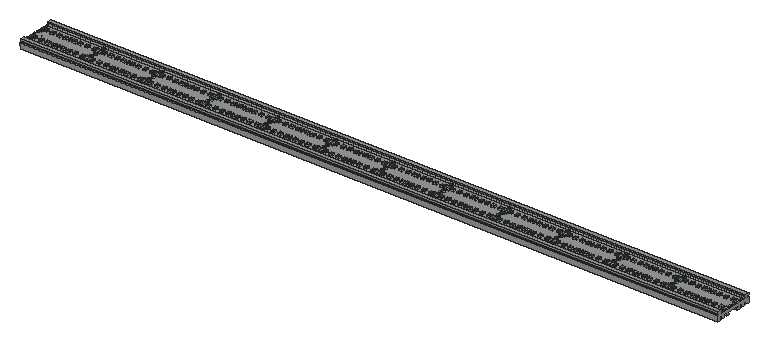
Revit family "LLED8050-UCW-4RF", category Lighting Fixtures, Revit 2017
Family settings
  Round Connector Dimension = Use Diameter
  Part Type = Normal
  OmniClass Number = 23.80.70.00
  OmniClass Title = Lighting
  Work Plane-Based = Yes
  Always vertical = Yes
  Cut with Voids When Loaded = No
  Light Source = Yes
  Shared = No
  Room Calculation Point = No
Parameters
  Wattage = 9.2903 W
  built-in parameter 1150110 = 1 (stored number, unit not read)
  built-in parameter 1114217 = 1 (stored number, unit not read)
  Tilt Angle = 60.00°
  built-in parameter 1150109 = 1 (stored number, unit not read)
  built-in parameter 1150134 = 3
  built-in parameter 1150113 = 1 (stored number, unit not read)
  STRIP = yes
  Photometric Web File = "generic"
  Number = (Length) / 2.000"  # 12
  built-in parameter 1150142 = (empty or 0)
  built-in parameter 1150105 = 109.82 (stored number, unit not read)
  Lumens = 1380 lm
  built-in parameter 1150115 = 1 (stored number, unit not read)
  built-in parameter 1150137 = (empty or 0)
  built-in parameter 1150139 = (empty or 0)
  Length = 24.000"
  built-in parameter 1150112 = 1 (stored number, unit not read)
  built-in parameter 1150114 = 1 (stored number, unit not read)
  built-in parameter 1150132 = (empty or 0)
  built-in parameter 1150102 = (empty or 0)
  built-in parameter 1150107 = 3200 (stored number, unit not read)
  built-in parameter 1150138 = (empty or 0)
  built-in parameter 1150106 = 1.0982 (stored number, unit not read)
  Fixture cap = fixture cap
  Fixture = fixture
  Emit from Line Length = Length  # 24.000"
  built-in parameter 1150104 = 13.8 (stored number, unit not read)
  Dimming Lamp Color Temperature Shift = <None>
  Default Elevation = 2.000"
  Color Filter = 16777215
  Bulb = Glass
  built-in parameter 1114218 = 1 (stored number, unit not read)
  built-in parameter 1150133 = 10 (stored number, unit not read)
Reference planes (in)
  plane 1 "Light Source Axis (F/B)": y = 0
  plane 2: z = 0
  plane 3 "Light Source Axis (L/R)": x = 0
  plane 4 "Light Source Elevation": z = 54
  plane 5: z = 0
  plane 6: x = -12
  plane 7: x = 12
  plane 8: z = -0.3
  plane 9: y = -0.665
  plane 10: y = 0.665
Forms (in)
  Revolve 1, solid, not visible
    sketch origin (-0.00118, 0, 6.68102) x (1, 0, 0) y (0, 0, 1)
      loop
        line (0, 1.27453) -> (0.22, 1.27453) -> (0.22, 1.98615) -> (0, 1.98615) -> (0, 1.27453)
      axis (0, 1.98615) -> (0, 1.27453)
    angle from 0 to 360
  Extrusion 2, solid, material "fixture cap" <- "Fixture cap", not visible
    sketch origin (-0.00118, -0.05736, 6.68102) x (1, 0, 0) y (0, 0, 1)
      loop
        line (0, 1.6939) -> (0.66, 1.6939) -> (0.66, 1.98615) -> (0, 1.98615) -> (-0.66, 1.98615) -> (-0.66, 1.6939) -> (0, 1.6939)
    from -0.23545 to 0.11965
  Extrusion 3, void, not visible
    sketch origin (-0.00118, 0, 6.68102) x (1, 0, 0) y (0, 0, 1)
      loop
        arc (-0.66, 1.6939) -> (-0.58698, 1.88163) -> (-0.41477, 1.98615) r 0.31341
        line (-0.41477, 1.98615) -> (-0.66, 1.98615) -> (-0.66, 1.6939)
      loop
        line (0.66, 1.6939) -> (0.66, 1.98615) -> (0.41477, 1.98615)
        arc (0.41477, 1.98615) -> (0.58698, 1.88163) -> (0.66, 1.6939) r 0.31341
    from -0.17809 to 0.17701
  Blend 4, solid, not visible
    base sketch origin (-0.00118, 0, 7.13918) x (1, 0, 0) y (0, 1, 0)
      loop
        circle (0, 0) r 0.57599
    top sketch origin (-0.00118, 0, 7.13918) x (1, 0, 0) y (0, 1, 0)
      loop
        circle (0, 0) r 0.42
    from -0.52219 to 0.72781
  Blend 5, solid, not visible
    base sketch origin (-0.00118, 0, 6.68102) x (1, 0, 0) y (0, 1, 0)
      loop
        circle (0, 0) r 0.42
    top sketch origin (-0.00118, 0, 6.68102) x (1, 0, 0) y (0, 1, 0)
      loop
        circle (0, 0) r 0.22
    from 1.18597 to 1.27148
  Extrusion 6, void, not visible
    sketch origin (0.0069, 0, 6.93102) x (1, 0, 0) y (0, 1, 0)
      loop
        arc (-0.54002, 0.08041) -> (-0.58407, 0) -> (-0.54002, -0.08041) r 0.09541
        line (-0.54002, -0.08041) -> (-0.19879, -0.08041)
        arc (-0.19879, -0.08041) -> (-0.00676, -0.19306) -> (0.18528, -0.08041) r 0.22
        line (0.18528, -0.08041) -> (0.54002, -0.08041)
        arc (0.54002, -0.08041) -> (0.58407, 0) -> (0.54002, 0.08041) r 0.09541
        line (0.54002, 0.08041) -> (0.18542, 0.08041)
        arc (0.18542, 0.08041) -> (-0.00739, 0.19447) -> (-0.2002, 0.08041) r 0.22
        line (-0.2002, 0.08041) -> (-0.54002, 0.08041)
    from 1.43764 to 1.77364
  Revolve 7, solid, not visible
    sketch origin (-0.00118, 0, 4.43877) x (1, 0, 0) y (0, 0, 1)
      loop
        line (0, 2.17822) -> (0, 1.78225) -> (0.66857, 1.78225) -> (0.49227, 2.17822) -> (0, 2.17822)
      axis (0, 2.17822) -> (0, 1.78225)
    angle from 0 to 360
  Revolve 8, solid, not visible
    sketch origin (-0.00118, 0, 6.68102) x (1, 0, 0) y (0, 0, -1)
      loop
        line (0, -1.27453) -> (0, -1.98615) -> (0.22, -1.98615) -> (0.22, -1.27453) -> (0, -1.27453)
      axis (0, -1.98615) -> (0, -1.27453)
    angle from 0 to 360
  Extrusion 9, solid, material "fixture cap" <- "Fixture cap", not visible
    sketch origin (-0.00118, 0.05736, 6.68102) x (1, 0, 0) y (0, 0, -1)
      loop
        line (0, -0.68597) -> (-0.66, -0.68597) -> (-0.66, -1.98615) -> (0, -1.98615) -> (0.66, -1.98615) -> (0.66, -0.68597) -> (0, -0.68597)
    from -0.23545 to 0.11965
  Extrusion 10, void, not visible
    sketch origin (-0.00118, 0, 6.68102) x (1, 0, 0) y (0, 0, -1)
      loop
        line (-0.66, -1.6939) -> (-0.66, -1.98615) -> (-0.41477, -1.98615)
        arc (-0.41477, -1.98615) -> (-0.58698, -1.88163) -> (-0.66, -1.6939) r 0.31341
      loop
        arc (0.66, -1.6939) -> (0.58698, -1.88163) -> (0.41477, -1.98615) r 0.31341
        line (0.41477, -1.98615) -> (0.66, -1.98615) -> (0.66, -1.6939)
    from -0.17809 to 0.17701
  Blend 11, solid, not visible
    base sketch origin (-0.00118, 0, 6.68102) x (1, 0, 0) y (0, 1, 0)
      loop
        circle (0, 0) r 0.42
    top sketch origin (-0.00118, 0, 6.68102) x (1, 0, 0) y (0, 1, 0)
      loop
        circle (0, 0) r 0.22
    from 1.18597 to 1.27148
  Extrusion 12, void, not visible
    sketch origin (0.0069, 0, 6.93102) x (1, 0, 0) y (0, 1, 0)
      loop
        line (-0.54002, -0.08041) -> (-0.2002, -0.08041)
        arc (-0.2002, -0.08041) -> (-0.00739, -0.19447) -> (0.18542, -0.08041) r 0.22
        line (0.18542, -0.08041) -> (0.54002, -0.08041)
        arc (0.54002, -0.08041) -> (0.58407, 0) -> (0.54002, 0.08041) r 0.09541
        line (0.54002, 0.08041) -> (0.18528, 0.08041)
        arc (0.18528, 0.08041) -> (-0.00676, 0.19306) -> (-0.19879, 0.08041) r 0.22
        line (-0.19879, 0.08041) -> (-0.54002, 0.08041)
        arc (-0.54002, 0.08041) -> (-0.58407, 0) -> (-0.54002, -0.08041) r 0.09541
    from 1.43764 to 1.77364
  Extrusion 13, void, not visible
    sketch origin (-0.00118, 0, 6.83727) x (1, 0, 0) y (0, 0, -1)
      loop
        line (-0.50265, -1.4876) -> (-0.3469, -1.4876)
        arc (-0.3469, -1.4876) -> (-0.42478, -1.34712) -> (-0.50265, -1.4876) r 0.09183
      loop
        arc (0.50265, -1.4876) -> (0.42478, -1.34712) -> (0.3469, -1.4876) r 0.09183
        line (0.3469, -1.4876) -> (0.50265, -1.4876)
    from -0.22339 to 0.22501
  Extrusion 14, solid, not visible
    sketch origin (-0.00049, 0, 6.93102) x (1, 0, 0) y (0, 1, 0)
      loop
        line (-0.03443, 0) -> (-0.03443, -0.08951)
        arc (-0.03443, -0.08951) -> (-0.02214, -0.11039) -> (0, -0.12025) r 0.03974
        arc (0, -0.12025) -> (0.02214, -0.11039) -> (0.03443, -0.08951) r 0.03974
        line (0.03443, -0.08951) -> (0.03443, 0) -> (0.03443, 0.08951)
        arc (0.03443, 0.08951) -> (0.02214, 0.11039) -> (0, 0.12025) r 0.03974
        arc (0, 0.12025) -> (-0.02214, 0.11039) -> (-0.03443, 0.08951) r 0.03974
        line (-0.03443, 0.08951) -> (-0.03443, 0)
    from 1.43764 to 1.50249
  Extrusion 15, solid, material "fixture" <- "Fixture"
    sketch origin (-12, -1.25685, -0.83336) x (0, 0, -1) y (0, 1, 0)
      loop
        line (-0.71336, 1.77685) -> (-0.71336, 0.73685)
        arc (-0.71336, 0.73685) -> (-0.74336, 0.70685) -> (-0.77336, 0.73685) r 0.03
        line (-0.77336, 0.73685) -> (-0.83336, 0.73685) -> (-0.83336, 0.59185) -> (-0.77336, 0.59185) -> (-0.77336, 0.65885) -> (-0.71336, 0.65885) -> (-0.71336, 0.59185) -> (-0.53336, 0.59185) -> (-0.53336, 0.69185) -> (-0.63336, 0.69185) -> (-0.63336, 0.79985) -> (-0.53336, 0.79985) -> (-0.53336, 0.87085) -> (-0.63336, 0.87085) -> (-0.63336, 0.97885) -> (-0.53336, 0.97885) -> (-0.53336, 1.04985)
        arc (-0.53336, 1.04985) -> (-0.55836, 1.07485) -> (-0.58336, 1.04985) r 0.025
        line (-0.58336, 1.04985) -> (-0.58336, 1.01885) -> (-0.63336, 1.01885) -> (-0.63336, 1.19934) -> (-0.63336, 1.49485) -> (-0.58336, 1.49485) -> (-0.58336, 1.46385)
        arc (-0.58336, 1.46385) -> (-0.55836, 1.43885) -> (-0.53336, 1.46385) r 0.025
        line (-0.53336, 1.46385) -> (-0.53336, 1.53485) -> (-0.63336, 1.53485) -> (-0.63336, 1.64285) -> (-0.53336, 1.64285) -> (-0.53336, 1.71385) -> (-0.63336, 1.71385) -> (-0.63336, 1.82185) -> (-0.53336, 1.82185) -> (-0.53336, 1.92185) -> (-0.71336, 1.92185) -> (-0.71336, 1.85485) -> (-0.77336, 1.85485) -> (-0.77336, 1.92185) -> (-0.83336, 1.92185) -> (-0.83336, 1.77685) -> (-0.77336, 1.77685)
        arc (-0.77336, 1.77685) -> (-0.74336, 1.80685) -> (-0.71336, 1.77685) r 0.03
    from 0 to 24
  Extrusion 16, solid, material "Glass" <- "Bulb"
    sketch origin (22, 0, -0.04963) x (1, 0, 0) y (0, 1, 0)
      loop
        line (-10, 0.37607) -> (-10, 0.46224)
        arc (-10, 0.46224) -> (-10.05871, 0.41915) -> (-10, 0.37607) r 0.04516
      loop
        line (-10.11087, 0.13799) -> (-10, 0.13799) -> (-10, 0.35948) -> (-10.11087, 0.35948) -> (-10.11087, 0.13799)
      loop
        arc (-10, 0.12139) -> (-10.05871, 0.07831) -> (-10, 0.03523) r 0.04516
        line (-10, 0.03523) -> (-10, 0.12139)
      loop
        arc (-10, -0.37607) -> (-10.05871, -0.41915) -> (-10, -0.46224) r 0.04516
        line (-10, -0.46224) -> (-10, -0.37607)
      loop
        line (-10.11087, -0.13799) -> (-10.11087, -0.35948) -> (-10, -0.35948) -> (-10, -0.13799) -> (-10.11087, -0.13799)
      loop
        line (-10, -0.12139) -> (-10, -0.03523)
        arc (-10, -0.03523) -> (-10.05871, -0.07831) -> (-10, -0.12139) r 0.04516
      loop
        arc (-12, 0.37607) -> (-11.94129, 0.41915) -> (-12, 0.46224) r 0.04516
        line (-12, 0.46224) -> (-12, 0.37607)
      loop
        line (-11.88913, 0.13799) -> (-11.88913, 0.35948) -> (-12, 0.35948) -> (-12, 0.13799) -> (-11.88913, 0.13799)
      loop
        line (-12, 0.12139) -> (-12, 0.03523)
        arc (-12, 0.03523) -> (-11.94129, 0.07831) -> (-12, 0.12139) r 0.04516
      loop
        line (-12, -0.37607) -> (-12, -0.46224)
        arc (-12, -0.46224) -> (-11.94129, -0.41915) -> (-12, -0.37607) r 0.04516
      loop
        line (-11.88913, -0.13799) -> (-12, -0.13799) -> (-12, -0.35948) -> (-11.88913, -0.35948) -> (-11.88913, -0.13799)
      loop
        arc (-12, -0.12139) -> (-11.94129, -0.07831) -> (-12, -0.03523) r 0.04516
        line (-12, -0.03523) -> (-12, -0.12139)
    from -0.07037 to -0.02509
  Extrusion 17, solid, material "Glass" <- "Bulb"
    sketch origin (0, 0, -0.04963) x (1, 0, 0) y (0, 1, 0)
      loop
        line (-10, 0.37607) -> (-10, 0.46224)
        arc (-10, 0.46224) -> (-10.05871, 0.41915) -> (-10, 0.37607) r 0.04516
      loop
        line (-10.11087, 0.13799) -> (-10, 0.13799) -> (-10, 0.35948) -> (-10.11087, 0.35948) -> (-10.11087, 0.13799)
      loop
        arc (-10, 0.12139) -> (-10.05871, 0.07831) -> (-10, 0.03523) r 0.04516
        line (-10, 0.03523) -> (-10, 0.12139)
      loop
        arc (-10, -0.37607) -> (-10.05871, -0.41915) -> (-10, -0.46224) r 0.04516
        line (-10, -0.46224) -> (-10, -0.37607)
      loop
        line (-10.11087, -0.13799) -> (-10.11087, -0.35948) -> (-10, -0.35948) -> (-10, -0.13799) -> (-10.11087, -0.13799)
      loop
        line (-10, -0.12139) -> (-10, -0.03523)
        arc (-10, -0.03523) -> (-10.05871, -0.07831) -> (-10, -0.12139) r 0.04516
      loop
        arc (-12, 0.37607) -> (-11.94129, 0.41915) -> (-12, 0.46224) r 0.04516
        line (-12, 0.46224) -> (-12, 0.37607)
      loop
        line (-11.88913, 0.13799) -> (-11.88913, 0.35948) -> (-12, 0.35948) -> (-12, 0.13799) -> (-11.88913, 0.13799)
      loop
        line (-12, 0.12139) -> (-12, 0.03523)
        arc (-12, 0.03523) -> (-11.94129, 0.07831) -> (-12, 0.12139) r 0.04516
      loop
        line (-12, -0.37607) -> (-12, -0.46224)
        arc (-12, -0.46224) -> (-11.94129, -0.41915) -> (-12, -0.37607) r 0.04516
      loop
        line (-11.88913, -0.13799) -> (-12, -0.13799) -> (-12, -0.35948) -> (-11.88913, -0.35948) -> (-11.88913, -0.13799)
      loop
        arc (-12, -0.12139) -> (-11.94129, -0.07831) -> (-12, -0.03523) r 0.04516
        line (-12, -0.03523) -> (-12, -0.12139)
    from -0.07037 to -0.02509
  Extrusion 18, solid, material "Glass" <- "Bulb"
    sketch origin (20, 0, -0.04963) x (1, 0, 0) y (0, 1, 0)
      loop
        line (-10, 0.37607) -> (-10, 0.46224)
        arc (-10, 0.46224) -> (-10.05871, 0.41915) -> (-10, 0.37607) r 0.04516
      loop
        line (-10.11087, 0.13799) -> (-10, 0.13799) -> (-10, 0.35948) -> (-10.11087, 0.35948) -> (-10.11087, 0.13799)
      loop
        arc (-10, 0.12139) -> (-10.05871, 0.07831) -> (-10, 0.03523) r 0.04516
        line (-10, 0.03523) -> (-10, 0.12139)
      loop
        arc (-10, -0.37607) -> (-10.05871, -0.41915) -> (-10, -0.46224) r 0.04516
        line (-10, -0.46224) -> (-10, -0.37607)
      loop
        line (-10.11087, -0.13799) -> (-10.11087, -0.35948) -> (-10, -0.35948) -> (-10, -0.13799) -> (-10.11087, -0.13799)
      loop
        line (-10, -0.12139) -> (-10, -0.03523)
        arc (-10, -0.03523) -> (-10.05871, -0.07831) -> (-10, -0.12139) r 0.04516
      loop
        arc (-12, 0.37607) -> (-11.94129, 0.41915) -> (-12, 0.46224) r 0.04516
        line (-12, 0.46224) -> (-12, 0.37607)
      loop
        line (-11.88913, 0.13799) -> (-11.88913, 0.35948) -> (-12, 0.35948) -> (-12, 0.13799) -> (-11.88913, 0.13799)
      loop
        line (-12, 0.12139) -> (-12, 0.03523)
        arc (-12, 0.03523) -> (-11.94129, 0.07831) -> (-12, 0.12139) r 0.04516
      loop
        line (-12, -0.37607) -> (-12, -0.46224)
        arc (-12, -0.46224) -> (-11.94129, -0.41915) -> (-12, -0.37607) r 0.04516
      loop
        line (-11.88913, -0.13799) -> (-12, -0.13799) -> (-12, -0.35948) -> (-11.88913, -0.35948) -> (-11.88913, -0.13799)
      loop
        arc (-12, -0.12139) -> (-11.94129, -0.07831) -> (-12, -0.03523) r 0.04516
        line (-12, -0.03523) -> (-12, -0.12139)
    from -0.07037 to -0.02509
  Extrusion 19, solid, material "Glass" <- "Bulb"
    sketch origin (18, 0, -0.04963) x (1, 0, 0) y (0, 1, 0)
      loop
        line (-10, 0.37607) -> (-10, 0.46224)
        arc (-10, 0.46224) -> (-10.05871, 0.41915) -> (-10, 0.37607) r 0.04516
      loop
        line (-10.11087, 0.13799) -> (-10, 0.13799) -> (-10, 0.35948) -> (-10.11087, 0.35948) -> (-10.11087, 0.13799)
      loop
        arc (-10, 0.12139) -> (-10.05871, 0.07831) -> (-10, 0.03523) r 0.04516
        line (-10, 0.03523) -> (-10, 0.12139)
      loop
        arc (-10, -0.37607) -> (-10.05871, -0.41915) -> (-10, -0.46224) r 0.04516
        line (-10, -0.46224) -> (-10, -0.37607)
      loop
        line (-10.11087, -0.13799) -> (-10.11087, -0.35948) -> (-10, -0.35948) -> (-10, -0.13799) -> (-10.11087, -0.13799)
      loop
        line (-10, -0.12139) -> (-10, -0.03523)
        arc (-10, -0.03523) -> (-10.05871, -0.07831) -> (-10, -0.12139) r 0.04516
      loop
        arc (-12, 0.37607) -> (-11.94129, 0.41915) -> (-12, 0.46224) r 0.04516
        line (-12, 0.46224) -> (-12, 0.37607)
      loop
        line (-11.88913, 0.13799) -> (-11.88913, 0.35948) -> (-12, 0.35948) -> (-12, 0.13799) -> (-11.88913, 0.13799)
      loop
        line (-12, 0.12139) -> (-12, 0.03523)
        arc (-12, 0.03523) -> (-11.94129, 0.07831) -> (-12, 0.12139) r 0.04516
      loop
        line (-12, -0.37607) -> (-12, -0.46224)
        arc (-12, -0.46224) -> (-11.94129, -0.41915) -> (-12, -0.37607) r 0.04516
      loop
        line (-11.88913, -0.13799) -> (-12, -0.13799) -> (-12, -0.35948) -> (-11.88913, -0.35948) -> (-11.88913, -0.13799)
      loop
        arc (-12, -0.12139) -> (-11.94129, -0.07831) -> (-12, -0.03523) r 0.04516
        line (-12, -0.03523) -> (-12, -0.12139)
    from -0.07037 to -0.02509
  Extrusion 20, solid, material "Glass" <- "Bulb"
    sketch origin (16, 0, -0.04963) x (1, 0, 0) y (0, 1, 0)
      loop
        line (-10, 0.37607) -> (-10, 0.46224)
        arc (-10, 0.46224) -> (-10.05871, 0.41915) -> (-10, 0.37607) r 0.04516
      loop
        line (-10.11087, 0.13799) -> (-10, 0.13799) -> (-10, 0.35948) -> (-10.11087, 0.35948) -> (-10.11087, 0.13799)
      loop
        arc (-10, 0.12139) -> (-10.05871, 0.07831) -> (-10, 0.03523) r 0.04516
        line (-10, 0.03523) -> (-10, 0.12139)
      loop
        arc (-10, -0.37607) -> (-10.05871, -0.41915) -> (-10, -0.46224) r 0.04516
        line (-10, -0.46224) -> (-10, -0.37607)
      loop
        line (-10.11087, -0.13799) -> (-10.11087, -0.35948) -> (-10, -0.35948) -> (-10, -0.13799) -> (-10.11087, -0.13799)
      loop
        line (-10, -0.12139) -> (-10, -0.03523)
        arc (-10, -0.03523) -> (-10.05871, -0.07831) -> (-10, -0.12139) r 0.04516
      loop
        arc (-12, 0.37607) -> (-11.94129, 0.41915) -> (-12, 0.46224) r 0.04516
        line (-12, 0.46224) -> (-12, 0.37607)
      loop
        line (-11.88913, 0.13799) -> (-11.88913, 0.35948) -> (-12, 0.35948) -> (-12, 0.13799) -> (-11.88913, 0.13799)
      loop
        line (-12, 0.12139) -> (-12, 0.03523)
        arc (-12, 0.03523) -> (-11.94129, 0.07831) -> (-12, 0.12139) r 0.04516
      loop
        line (-12, -0.37607) -> (-12, -0.46224)
        arc (-12, -0.46224) -> (-11.94129, -0.41915) -> (-12, -0.37607) r 0.04516
      loop
        line (-11.88913, -0.13799) -> (-12, -0.13799) -> (-12, -0.35948) -> (-11.88913, -0.35948) -> (-11.88913, -0.13799)
      loop
        arc (-12, -0.12139) -> (-11.94129, -0.07831) -> (-12, -0.03523) r 0.04516
        line (-12, -0.03523) -> (-12, -0.12139)
    from -0.07037 to -0.02509
  Extrusion 21, solid, material "Glass" <- "Bulb"
    sketch origin (14, 0, -0.04963) x (1, 0, 0) y (0, 1, 0)
      loop
        line (-10, 0.37607) -> (-10, 0.46224)
        arc (-10, 0.46224) -> (-10.05871, 0.41915) -> (-10, 0.37607) r 0.04516
      loop
        line (-10.11087, 0.13799) -> (-10, 0.13799) -> (-10, 0.35948) -> (-10.11087, 0.35948) -> (-10.11087, 0.13799)
      loop
        arc (-10, 0.12139) -> (-10.05871, 0.07831) -> (-10, 0.03523) r 0.04516
        line (-10, 0.03523) -> (-10, 0.12139)
      loop
        arc (-10, -0.37607) -> (-10.05871, -0.41915) -> (-10, -0.46224) r 0.04516
        line (-10, -0.46224) -> (-10, -0.37607)
      loop
        line (-10.11087, -0.13799) -> (-10.11087, -0.35948) -> (-10, -0.35948) -> (-10, -0.13799) -> (-10.11087, -0.13799)
      loop
        line (-10, -0.12139) -> (-10, -0.03523)
        arc (-10, -0.03523) -> (-10.05871, -0.07831) -> (-10, -0.12139) r 0.04516
      loop
        arc (-12, 0.37607) -> (-11.94129, 0.41915) -> (-12, 0.46224) r 0.04516
        line (-12, 0.46224) -> (-12, 0.37607)
      loop
        line (-11.88913, 0.13799) -> (-11.88913, 0.35948) -> (-12, 0.35948) -> (-12, 0.13799) -> (-11.88913, 0.13799)
      loop
        line (-12, 0.12139) -> (-12, 0.03523)
        arc (-12, 0.03523) -> (-11.94129, 0.07831) -> (-12, 0.12139) r 0.04516
      loop
        line (-12, -0.37607) -> (-12, -0.46224)
        arc (-12, -0.46224) -> (-11.94129, -0.41915) -> (-12, -0.37607) r 0.04516
      loop
        line (-11.88913, -0.13799) -> (-12, -0.13799) -> (-12, -0.35948) -> (-11.88913, -0.35948) -> (-11.88913, -0.13799)
      loop
        arc (-12, -0.12139) -> (-11.94129, -0.07831) -> (-12, -0.03523) r 0.04516
        line (-12, -0.03523) -> (-12, -0.12139)
    from -0.07037 to -0.02509
  Extrusion 22, solid, material "Glass" <- "Bulb"
    sketch origin (12, 0, -0.04963) x (1, 0, 0) y (0, 1, 0)
      loop
        line (-10, 0.37607) -> (-10, 0.46224)
        arc (-10, 0.46224) -> (-10.05871, 0.41915) -> (-10, 0.37607) r 0.04516
      loop
        line (-10.11087, 0.13799) -> (-10, 0.13799) -> (-10, 0.35948) -> (-10.11087, 0.35948) -> (-10.11087, 0.13799)
      loop
        arc (-10, 0.12139) -> (-10.05871, 0.07831) -> (-10, 0.03523) r 0.04516
        line (-10, 0.03523) -> (-10, 0.12139)
      loop
        arc (-10, -0.37607) -> (-10.05871, -0.41915) -> (-10, -0.46224) r 0.04516
        line (-10, -0.46224) -> (-10, -0.37607)
      loop
        line (-10.11087, -0.13799) -> (-10.11087, -0.35948) -> (-10, -0.35948) -> (-10, -0.13799) -> (-10.11087, -0.13799)
      loop
        line (-10, -0.12139) -> (-10, -0.03523)
        arc (-10, -0.03523) -> (-10.05871, -0.07831) -> (-10, -0.12139) r 0.04516
      loop
        arc (-12, 0.37607) -> (-11.94129, 0.41915) -> (-12, 0.46224) r 0.04516
        line (-12, 0.46224) -> (-12, 0.37607)
      loop
        line (-11.88913, 0.13799) -> (-11.88913, 0.35948) -> (-12, 0.35948) -> (-12, 0.13799) -> (-11.88913, 0.13799)
      loop
        line (-12, 0.12139) -> (-12, 0.03523)
        arc (-12, 0.03523) -> (-11.94129, 0.07831) -> (-12, 0.12139) r 0.04516
      loop
        line (-12, -0.37607) -> (-12, -0.46224)
        arc (-12, -0.46224) -> (-11.94129, -0.41915) -> (-12, -0.37607) r 0.04516
      loop
        line (-11.88913, -0.13799) -> (-12, -0.13799) -> (-12, -0.35948) -> (-11.88913, -0.35948) -> (-11.88913, -0.13799)
      loop
        arc (-12, -0.12139) -> (-11.94129, -0.07831) -> (-12, -0.03523) r 0.04516
        line (-12, -0.03523) -> (-12, -0.12139)
    from -0.07037 to -0.02509
  Extrusion 23, solid, material "Glass" <- "Bulb"
    sketch origin (10, 0, -0.04963) x (1, 0, 0) y (0, 1, 0)
      loop
        line (-10, 0.37607) -> (-10, 0.46224)
        arc (-10, 0.46224) -> (-10.05871, 0.41915) -> (-10, 0.37607) r 0.04516
      loop
        line (-10.11087, 0.13799) -> (-10, 0.13799) -> (-10, 0.35948) -> (-10.11087, 0.35948) -> (-10.11087, 0.13799)
      loop
        arc (-10, 0.12139) -> (-10.05871, 0.07831) -> (-10, 0.03523) r 0.04516
        line (-10, 0.03523) -> (-10, 0.12139)
      loop
        arc (-10, -0.37607) -> (-10.05871, -0.41915) -> (-10, -0.46224) r 0.04516
        line (-10, -0.46224) -> (-10, -0.37607)
      loop
        line (-10.11087, -0.13799) -> (-10.11087, -0.35948) -> (-10, -0.35948) -> (-10, -0.13799) -> (-10.11087, -0.13799)
      loop
        line (-10, -0.12139) -> (-10, -0.03523)
        arc (-10, -0.03523) -> (-10.05871, -0.07831) -> (-10, -0.12139) r 0.04516
      loop
        arc (-12, 0.37607) -> (-11.94129, 0.41915) -> (-12, 0.46224) r 0.04516
        line (-12, 0.46224) -> (-12, 0.37607)
      loop
        line (-11.88913, 0.13799) -> (-11.88913, 0.35948) -> (-12, 0.35948) -> (-12, 0.13799) -> (-11.88913, 0.13799)
      loop
        line (-12, 0.12139) -> (-12, 0.03523)
        arc (-12, 0.03523) -> (-11.94129, 0.07831) -> (-12, 0.12139) r 0.04516
      loop
        line (-12, -0.37607) -> (-12, -0.46224)
        arc (-12, -0.46224) -> (-11.94129, -0.41915) -> (-12, -0.37607) r 0.04516
      loop
        line (-11.88913, -0.13799) -> (-12, -0.13799) -> (-12, -0.35948) -> (-11.88913, -0.35948) -> (-11.88913, -0.13799)
      loop
        arc (-12, -0.12139) -> (-11.94129, -0.07831) -> (-12, -0.03523) r 0.04516
        line (-12, -0.03523) -> (-12, -0.12139)
    from -0.07037 to -0.02509
  Extrusion 24, solid, material "Glass" <- "Bulb"
    sketch origin (8, 0, -0.04963) x (1, 0, 0) y (0, 1, 0)
      loop
        line (-10, 0.37607) -> (-10, 0.46224)
        arc (-10, 0.46224) -> (-10.05871, 0.41915) -> (-10, 0.37607) r 0.04516
      loop
        line (-10.11087, 0.13799) -> (-10, 0.13799) -> (-10, 0.35948) -> (-10.11087, 0.35948) -> (-10.11087, 0.13799)
      loop
        arc (-10, 0.12139) -> (-10.05871, 0.07831) -> (-10, 0.03523) r 0.04516
        line (-10, 0.03523) -> (-10, 0.12139)
      loop
        arc (-10, -0.37607) -> (-10.05871, -0.41915) -> (-10, -0.46224) r 0.04516
        line (-10, -0.46224) -> (-10, -0.37607)
      loop
        line (-10.11087, -0.13799) -> (-10.11087, -0.35948) -> (-10, -0.35948) -> (-10, -0.13799) -> (-10.11087, -0.13799)
      loop
        line (-10, -0.12139) -> (-10, -0.03523)
        arc (-10, -0.03523) -> (-10.05871, -0.07831) -> (-10, -0.12139) r 0.04516
      loop
        arc (-12, 0.37607) -> (-11.94129, 0.41915) -> (-12, 0.46224) r 0.04516
        line (-12, 0.46224) -> (-12, 0.37607)
      loop
        line (-11.88913, 0.13799) -> (-11.88913, 0.35948) -> (-12, 0.35948) -> (-12, 0.13799) -> (-11.88913, 0.13799)
      loop
        line (-12, 0.12139) -> (-12, 0.03523)
        arc (-12, 0.03523) -> (-11.94129, 0.07831) -> (-12, 0.12139) r 0.04516
      loop
        line (-12, -0.37607) -> (-12, -0.46224)
        arc (-12, -0.46224) -> (-11.94129, -0.41915) -> (-12, -0.37607) r 0.04516
      loop
        line (-11.88913, -0.13799) -> (-12, -0.13799) -> (-12, -0.35948) -> (-11.88913, -0.35948) -> (-11.88913, -0.13799)
      loop
        arc (-12, -0.12139) -> (-11.94129, -0.07831) -> (-12, -0.03523) r 0.04516
        line (-12, -0.03523) -> (-12, -0.12139)
    from -0.07037 to -0.02509
  Extrusion 25, solid, material "Glass" <- "Bulb"
    sketch origin (6, 0, -0.04963) x (1, 0, 0) y (0, 1, 0)
      loop
        line (-10, 0.37607) -> (-10, 0.46224)
        arc (-10, 0.46224) -> (-10.05871, 0.41915) -> (-10, 0.37607) r 0.04516
      loop
        line (-10.11087, 0.13799) -> (-10, 0.13799) -> (-10, 0.35948) -> (-10.11087, 0.35948) -> (-10.11087, 0.13799)
      loop
        arc (-10, 0.12139) -> (-10.05871, 0.07831) -> (-10, 0.03523) r 0.04516
        line (-10, 0.03523) -> (-10, 0.12139)
      loop
        arc (-10, -0.37607) -> (-10.05871, -0.41915) -> (-10, -0.46224) r 0.04516
        line (-10, -0.46224) -> (-10, -0.37607)
      loop
        line (-10.11087, -0.13799) -> (-10.11087, -0.35948) -> (-10, -0.35948) -> (-10, -0.13799) -> (-10.11087, -0.13799)
      loop
        line (-10, -0.12139) -> (-10, -0.03523)
        arc (-10, -0.03523) -> (-10.05871, -0.07831) -> (-10, -0.12139) r 0.04516
      loop
        arc (-12, 0.37607) -> (-11.94129, 0.41915) -> (-12, 0.46224) r 0.04516
        line (-12, 0.46224) -> (-12, 0.37607)
      loop
        line (-11.88913, 0.13799) -> (-11.88913, 0.35948) -> (-12, 0.35948) -> (-12, 0.13799) -> (-11.88913, 0.13799)
      loop
        line (-12, 0.12139) -> (-12, 0.03523)
        arc (-12, 0.03523) -> (-11.94129, 0.07831) -> (-12, 0.12139) r 0.04516
      loop
        line (-12, -0.37607) -> (-12, -0.46224)
        arc (-12, -0.46224) -> (-11.94129, -0.41915) -> (-12, -0.37607) r 0.04516
      loop
        line (-11.88913, -0.13799) -> (-12, -0.13799) -> (-12, -0.35948) -> (-11.88913, -0.35948) -> (-11.88913, -0.13799)
      loop
        arc (-12, -0.12139) -> (-11.94129, -0.07831) -> (-12, -0.03523) r 0.04516
        line (-12, -0.03523) -> (-12, -0.12139)
    from -0.07037 to -0.02509
  Extrusion 26, solid, material "Glass" <- "Bulb"
    sketch origin (4, 0, -0.04963) x (1, 0, 0) y (0, 1, 0)
      loop
        line (-10, 0.37607) -> (-10, 0.46224)
        arc (-10, 0.46224) -> (-10.05871, 0.41915) -> (-10, 0.37607) r 0.04516
      loop
        line (-10.11087, 0.13799) -> (-10, 0.13799) -> (-10, 0.35948) -> (-10.11087, 0.35948) -> (-10.11087, 0.13799)
      loop
        arc (-10, 0.12139) -> (-10.05871, 0.07831) -> (-10, 0.03523) r 0.04516
        line (-10, 0.03523) -> (-10, 0.12139)
      loop
        arc (-10, -0.37607) -> (-10.05871, -0.41915) -> (-10, -0.46224) r 0.04516
        line (-10, -0.46224) -> (-10, -0.37607)
      loop
        line (-10.11087, -0.13799) -> (-10.11087, -0.35948) -> (-10, -0.35948) -> (-10, -0.13799) -> (-10.11087, -0.13799)
      loop
        line (-10, -0.12139) -> (-10, -0.03523)
        arc (-10, -0.03523) -> (-10.05871, -0.07831) -> (-10, -0.12139) r 0.04516
      loop
        arc (-12, 0.37607) -> (-11.94129, 0.41915) -> (-12, 0.46224) r 0.04516
        line (-12, 0.46224) -> (-12, 0.37607)
      loop
        line (-11.88913, 0.13799) -> (-11.88913, 0.35948) -> (-12, 0.35948) -> (-12, 0.13799) -> (-11.88913, 0.13799)
      loop
        line (-12, 0.12139) -> (-12, 0.03523)
        arc (-12, 0.03523) -> (-11.94129, 0.07831) -> (-12, 0.12139) r 0.04516
      loop
        line (-12, -0.37607) -> (-12, -0.46224)
        arc (-12, -0.46224) -> (-11.94129, -0.41915) -> (-12, -0.37607) r 0.04516
      loop
        line (-11.88913, -0.13799) -> (-12, -0.13799) -> (-12, -0.35948) -> (-11.88913, -0.35948) -> (-11.88913, -0.13799)
      loop
        arc (-12, -0.12139) -> (-11.94129, -0.07831) -> (-12, -0.03523) r 0.04516
        line (-12, -0.03523) -> (-12, -0.12139)
    from -0.07037 to -0.02509
  Extrusion 27, solid, material "Glass" <- "Bulb"
    sketch origin (2, 0, -0.04963) x (1, 0, 0) y (0, 1, 0)
      loop
        line (-10, 0.37607) -> (-10, 0.46224)
        arc (-10, 0.46224) -> (-10.05871, 0.41915) -> (-10, 0.37607) r 0.04516
      loop
        line (-10.11087, 0.13799) -> (-10, 0.13799) -> (-10, 0.35948) -> (-10.11087, 0.35948) -> (-10.11087, 0.13799)
      loop
        arc (-10, 0.12139) -> (-10.05871, 0.07831) -> (-10, 0.03523) r 0.04516
        line (-10, 0.03523) -> (-10, 0.12139)
      loop
        arc (-10, -0.37607) -> (-10.05871, -0.41915) -> (-10, -0.46224) r 0.04516
        line (-10, -0.46224) -> (-10, -0.37607)
      loop
        line (-10.11087, -0.13799) -> (-10.11087, -0.35948) -> (-10, -0.35948) -> (-10, -0.13799) -> (-10.11087, -0.13799)
      loop
        line (-10, -0.12139) -> (-10, -0.03523)
        arc (-10, -0.03523) -> (-10.05871, -0.07831) -> (-10, -0.12139) r 0.04516
      loop
        arc (-12, 0.37607) -> (-11.94129, 0.41915) -> (-12, 0.46224) r 0.04516
        line (-12, 0.46224) -> (-12, 0.37607)
      loop
        line (-11.88913, 0.13799) -> (-11.88913, 0.35948) -> (-12, 0.35948) -> (-12, 0.13799) -> (-11.88913, 0.13799)
      loop
        line (-12, 0.12139) -> (-12, 0.03523)
        arc (-12, 0.03523) -> (-11.94129, 0.07831) -> (-12, 0.12139) r 0.04516
      loop
        line (-12, -0.37607) -> (-12, -0.46224)
        arc (-12, -0.46224) -> (-11.94129, -0.41915) -> (-12, -0.37607) r 0.04516
      loop
        line (-11.88913, -0.13799) -> (-12, -0.13799) -> (-12, -0.35948) -> (-11.88913, -0.35948) -> (-11.88913, -0.13799)
      loop
        arc (-12, -0.12139) -> (-11.94129, -0.07831) -> (-12, -0.03523) r 0.04516
        line (-12, -0.03523) -> (-12, -0.12139)
    from -0.07037 to -0.02509
  Extrusion 28, solid, material "Glass" <- "Bulb"
    sketch origin (0, 0, 0) x (1, 0, 0) y (0, 1, 0)
      loop
        line (10.11087, 0.30974) -> (10.11087, 0.188) -> (10.22662, 0.188) -> (10.22662, 0.30974) -> (10.11087, 0.30974)
      loop
        line (10.78741, 0.30974) -> (10.78741, 0.188) -> (10.90316, 0.188) -> (10.90316, 0.30974) -> (10.78741, 0.30974)
      loop
        line (10.97221, 0.30974) -> (10.97221, 0.188) -> (11.015, 0.188) -> (11.015, 0.30974) -> (10.97221, 0.30974)
      loop
        line (11.88913, 0.30974) -> (11.77275, 0.30974) -> (11.77275, 0.188) -> (11.88913, 0.188) -> (11.88913, 0.30974)
      loop
        line (11.21259, 0.30974) -> (11.09684, 0.30974) -> (11.09684, 0.188) -> (11.21259, 0.188) -> (11.21259, 0.30974)
      loop
        line (10.11087, -0.3096) -> (10.22662, -0.3096) -> (10.22662, -0.18786) -> (10.11087, -0.18786) -> (10.11087, -0.3096)
      loop
        line (10.78741, -0.3096) -> (10.90316, -0.3096) -> (10.90316, -0.18786) -> (10.78741, -0.18786) -> (10.78741, -0.3096)
      loop
        line (10.97221, -0.3096) -> (11.015, -0.3096) -> (11.015, -0.18786) -> (10.97221, -0.18786) -> (10.97221, -0.3096)
      loop
        line (11.8885, -0.3096) -> (11.8885, -0.18786) -> (11.77275, -0.18786) -> (11.77275, -0.3096) -> (11.8885, -0.3096)
      loop
        line (11.21259, -0.3096) -> (11.21259, -0.18786) -> (11.09684, -0.18786) -> (11.09684, -0.3096) -> (11.21259, -0.3096)
      loop
        line (10.57569, 0.30974) -> (10.57569, 0.188) -> (10.69144, 0.188) -> (10.69144, 0.30974) -> (10.57569, 0.30974)
      loop
        line (10.34522, 0.30974) -> (10.34522, 0.188) -> (10.46097, 0.188) -> (10.46097, 0.30974) -> (10.34522, 0.30974)
      loop
        line (10.57569, -0.18786) -> (10.57569, -0.3096) -> (10.69144, -0.3096) -> (10.69144, -0.18786) -> (10.57569, -0.18786)
      loop
        line (10.34522, -0.18786) -> (10.34522, -0.3096) -> (10.46097, -0.3096) -> (10.46097, -0.18786) -> (10.34522, -0.18786)
      loop
        line (11.41152, 0.30974) -> (11.29577, 0.30974) -> (11.29577, 0.188) -> (11.41152, 0.188) -> (11.41152, 0.30974)
      loop
        line (11.64199, 0.30974) -> (11.52624, 0.30974) -> (11.52624, 0.188) -> (11.64199, 0.188) -> (11.64199, 0.30974)
      loop
        line (11.41152, -0.18786) -> (11.29577, -0.18786) -> (11.29577, -0.3096) -> (11.41152, -0.3096) -> (11.41152, -0.18786)
      loop
        line (11.64199, -0.18786) -> (11.52624, -0.18786) -> (11.52624, -0.3096) -> (11.64199, -0.3096) -> (11.64199, -0.18786)
    from -0.04963 to -0.12
  Extrusion 29, solid, material "Glass" <- "Bulb"
    sketch origin (-22, 0, 0) x (1, 0, 0) y (0, 1, 0)
      loop
        line (10.11087, 0.30974) -> (10.11087, 0.188) -> (10.22662, 0.188) -> (10.22662, 0.30974) -> (10.11087, 0.30974)
      loop
        line (10.78741, 0.30974) -> (10.78741, 0.188) -> (10.90316, 0.188) -> (10.90316, 0.30974) -> (10.78741, 0.30974)
      loop
        line (10.97221, 0.30974) -> (10.97221, 0.188) -> (11.015, 0.188) -> (11.015, 0.30974) -> (10.97221, 0.30974)
      loop
        line (11.88913, 0.30974) -> (11.77275, 0.30974) -> (11.77275, 0.188) -> (11.88913, 0.188) -> (11.88913, 0.30974)
      loop
        line (11.21259, 0.30974) -> (11.09684, 0.30974) -> (11.09684, 0.188) -> (11.21259, 0.188) -> (11.21259, 0.30974)
      loop
        line (10.11087, -0.3096) -> (10.22662, -0.3096) -> (10.22662, -0.18786) -> (10.11087, -0.18786) -> (10.11087, -0.3096)
      loop
        line (10.78741, -0.3096) -> (10.90316, -0.3096) -> (10.90316, -0.18786) -> (10.78741, -0.18786) -> (10.78741, -0.3096)
      loop
        line (10.97221, -0.3096) -> (11.015, -0.3096) -> (11.015, -0.18786) -> (10.97221, -0.18786) -> (10.97221, -0.3096)
      loop
        line (11.8885, -0.3096) -> (11.8885, -0.18786) -> (11.77275, -0.18786) -> (11.77275, -0.3096) -> (11.8885, -0.3096)
      loop
        line (11.21259, -0.3096) -> (11.21259, -0.18786) -> (11.09684, -0.18786) -> (11.09684, -0.3096) -> (11.21259, -0.3096)
      loop
        line (10.57569, 0.30974) -> (10.57569, 0.188) -> (10.69144, 0.188) -> (10.69144, 0.30974) -> (10.57569, 0.30974)
      loop
        line (10.34522, 0.30974) -> (10.34522, 0.188) -> (10.46097, 0.188) -> (10.46097, 0.30974) -> (10.34522, 0.30974)
      loop
        line (10.57569, -0.18786) -> (10.57569, -0.3096) -> (10.69144, -0.3096) -> (10.69144, -0.18786) -> (10.57569, -0.18786)
      loop
        line (10.34522, -0.18786) -> (10.34522, -0.3096) -> (10.46097, -0.3096) -> (10.46097, -0.18786) -> (10.34522, -0.18786)
      loop
        line (11.41152, 0.30974) -> (11.29577, 0.30974) -> (11.29577, 0.188) -> (11.41152, 0.188) -> (11.41152, 0.30974)
      loop
        line (11.64199, 0.30974) -> (11.52624, 0.30974) -> (11.52624, 0.188) -> (11.64199, 0.188) -> (11.64199, 0.30974)
      loop
        line (11.41152, -0.18786) -> (11.29577, -0.18786) -> (11.29577, -0.3096) -> (11.41152, -0.3096) -> (11.41152, -0.18786)
      loop
        line (11.64199, -0.18786) -> (11.52624, -0.18786) -> (11.52624, -0.3096) -> (11.64199, -0.3096) -> (11.64199, -0.18786)
    from -0.04963 to -0.12
  Extrusion 30, solid, material "Glass" <- "Bulb"
    sketch origin (-2, 0, 0) x (1, 0, 0) y (0, 1, 0)
      loop
        line (10.11087, 0.30974) -> (10.11087, 0.188) -> (10.22662, 0.188) -> (10.22662, 0.30974) -> (10.11087, 0.30974)
      loop
        line (10.78741, 0.30974) -> (10.78741, 0.188) -> (10.90316, 0.188) -> (10.90316, 0.30974) -> (10.78741, 0.30974)
      loop
        line (10.97221, 0.30974) -> (10.97221, 0.188) -> (11.015, 0.188) -> (11.015, 0.30974) -> (10.97221, 0.30974)
      loop
        line (11.88913, 0.30974) -> (11.77275, 0.30974) -> (11.77275, 0.188) -> (11.88913, 0.188) -> (11.88913, 0.30974)
      loop
        line (11.21259, 0.30974) -> (11.09684, 0.30974) -> (11.09684, 0.188) -> (11.21259, 0.188) -> (11.21259, 0.30974)
      loop
        line (10.11087, -0.3096) -> (10.22662, -0.3096) -> (10.22662, -0.18786) -> (10.11087, -0.18786) -> (10.11087, -0.3096)
      loop
        line (10.78741, -0.3096) -> (10.90316, -0.3096) -> (10.90316, -0.18786) -> (10.78741, -0.18786) -> (10.78741, -0.3096)
      loop
        line (10.97221, -0.3096) -> (11.015, -0.3096) -> (11.015, -0.18786) -> (10.97221, -0.18786) -> (10.97221, -0.3096)
      loop
        line (11.8885, -0.3096) -> (11.8885, -0.18786) -> (11.77275, -0.18786) -> (11.77275, -0.3096) -> (11.8885, -0.3096)
      loop
        line (11.21259, -0.3096) -> (11.21259, -0.18786) -> (11.09684, -0.18786) -> (11.09684, -0.3096) -> (11.21259, -0.3096)
      loop
        line (10.57569, 0.30974) -> (10.57569, 0.188) -> (10.69144, 0.188) -> (10.69144, 0.30974) -> (10.57569, 0.30974)
      loop
        line (10.34522, 0.30974) -> (10.34522, 0.188) -> (10.46097, 0.188) -> (10.46097, 0.30974) -> (10.34522, 0.30974)
      loop
        line (10.57569, -0.18786) -> (10.57569, -0.3096) -> (10.69144, -0.3096) -> (10.69144, -0.18786) -> (10.57569, -0.18786)
      loop
        line (10.34522, -0.18786) -> (10.34522, -0.3096) -> (10.46097, -0.3096) -> (10.46097, -0.18786) -> (10.34522, -0.18786)
      loop
        line (11.41152, 0.30974) -> (11.29577, 0.30974) -> (11.29577, 0.188) -> (11.41152, 0.188) -> (11.41152, 0.30974)
      loop
        line (11.64199, 0.30974) -> (11.52624, 0.30974) -> (11.52624, 0.188) -> (11.64199, 0.188) -> (11.64199, 0.30974)
      loop
        line (11.41152, -0.18786) -> (11.29577, -0.18786) -> (11.29577, -0.3096) -> (11.41152, -0.3096) -> (11.41152, -0.18786)
      loop
        line (11.64199, -0.18786) -> (11.52624, -0.18786) -> (11.52624, -0.3096) -> (11.64199, -0.3096) -> (11.64199, -0.18786)
    from -0.04963 to -0.12
  Extrusion 31, solid, material "Glass" <- "Bulb"
    sketch origin (-4, 0, 0) x (1, 0, 0) y (0, 1, 0)
      loop
        line (10.11087, 0.30974) -> (10.11087, 0.188) -> (10.22662, 0.188) -> (10.22662, 0.30974) -> (10.11087, 0.30974)
      loop
        line (10.78741, 0.30974) -> (10.78741, 0.188) -> (10.90316, 0.188) -> (10.90316, 0.30974) -> (10.78741, 0.30974)
      loop
        line (10.97221, 0.30974) -> (10.97221, 0.188) -> (11.015, 0.188) -> (11.015, 0.30974) -> (10.97221, 0.30974)
      loop
        line (11.88913, 0.30974) -> (11.77275, 0.30974) -> (11.77275, 0.188) -> (11.88913, 0.188) -> (11.88913, 0.30974)
      loop
        line (11.21259, 0.30974) -> (11.09684, 0.30974) -> (11.09684, 0.188) -> (11.21259, 0.188) -> (11.21259, 0.30974)
      loop
        line (10.11087, -0.3096) -> (10.22662, -0.3096) -> (10.22662, -0.18786) -> (10.11087, -0.18786) -> (10.11087, -0.3096)
      loop
        line (10.78741, -0.3096) -> (10.90316, -0.3096) -> (10.90316, -0.18786) -> (10.78741, -0.18786) -> (10.78741, -0.3096)
      loop
        line (10.97221, -0.3096) -> (11.015, -0.3096) -> (11.015, -0.18786) -> (10.97221, -0.18786) -> (10.97221, -0.3096)
      loop
        line (11.8885, -0.3096) -> (11.8885, -0.18786) -> (11.77275, -0.18786) -> (11.77275, -0.3096) -> (11.8885, -0.3096)
      loop
        line (11.21259, -0.3096) -> (11.21259, -0.18786) -> (11.09684, -0.18786) -> (11.09684, -0.3096) -> (11.21259, -0.3096)
      loop
        line (10.57569, 0.30974) -> (10.57569, 0.188) -> (10.69144, 0.188) -> (10.69144, 0.30974) -> (10.57569, 0.30974)
      loop
        line (10.34522, 0.30974) -> (10.34522, 0.188) -> (10.46097, 0.188) -> (10.46097, 0.30974) -> (10.34522, 0.30974)
      loop
        line (10.57569, -0.18786) -> (10.57569, -0.3096) -> (10.69144, -0.3096) -> (10.69144, -0.18786) -> (10.57569, -0.18786)
      loop
        line (10.34522, -0.18786) -> (10.34522, -0.3096) -> (10.46097, -0.3096) -> (10.46097, -0.18786) -> (10.34522, -0.18786)
      loop
        line (11.41152, 0.30974) -> (11.29577, 0.30974) -> (11.29577, 0.188) -> (11.41152, 0.188) -> (11.41152, 0.30974)
      loop
        line (11.64199, 0.30974) -> (11.52624, 0.30974) -> (11.52624, 0.188) -> (11.64199, 0.188) -> (11.64199, 0.30974)
      loop
        line (11.41152, -0.18786) -> (11.29577, -0.18786) -> (11.29577, -0.3096) -> (11.41152, -0.3096) -> (11.41152, -0.18786)
      loop
        line (11.64199, -0.18786) -> (11.52624, -0.18786) -> (11.52624, -0.3096) -> (11.64199, -0.3096) -> (11.64199, -0.18786)
    from -0.04963 to -0.12
  Extrusion 32, solid, material "Glass" <- "Bulb"
    sketch origin (-6, 0, 0) x (1, 0, 0) y (0, 1, 0)
      loop
        line (10.11087, 0.30974) -> (10.11087, 0.188) -> (10.22662, 0.188) -> (10.22662, 0.30974) -> (10.11087, 0.30974)
      loop
        line (10.78741, 0.30974) -> (10.78741, 0.188) -> (10.90316, 0.188) -> (10.90316, 0.30974) -> (10.78741, 0.30974)
      loop
        line (10.97221, 0.30974) -> (10.97221, 0.188) -> (11.015, 0.188) -> (11.015, 0.30974) -> (10.97221, 0.30974)
      loop
        line (11.88913, 0.30974) -> (11.77275, 0.30974) -> (11.77275, 0.188) -> (11.88913, 0.188) -> (11.88913, 0.30974)
      loop
        line (11.21259, 0.30974) -> (11.09684, 0.30974) -> (11.09684, 0.188) -> (11.21259, 0.188) -> (11.21259, 0.30974)
      loop
        line (10.11087, -0.3096) -> (10.22662, -0.3096) -> (10.22662, -0.18786) -> (10.11087, -0.18786) -> (10.11087, -0.3096)
      loop
        line (10.78741, -0.3096) -> (10.90316, -0.3096) -> (10.90316, -0.18786) -> (10.78741, -0.18786) -> (10.78741, -0.3096)
      loop
        line (10.97221, -0.3096) -> (11.015, -0.3096) -> (11.015, -0.18786) -> (10.97221, -0.18786) -> (10.97221, -0.3096)
      loop
        line (11.8885, -0.3096) -> (11.8885, -0.18786) -> (11.77275, -0.18786) -> (11.77275, -0.3096) -> (11.8885, -0.3096)
      loop
        line (11.21259, -0.3096) -> (11.21259, -0.18786) -> (11.09684, -0.18786) -> (11.09684, -0.3096) -> (11.21259, -0.3096)
      loop
        line (10.57569, 0.30974) -> (10.57569, 0.188) -> (10.69144, 0.188) -> (10.69144, 0.30974) -> (10.57569, 0.30974)
      loop
        line (10.34522, 0.30974) -> (10.34522, 0.188) -> (10.46097, 0.188) -> (10.46097, 0.30974) -> (10.34522, 0.30974)
      loop
        line (10.57569, -0.18786) -> (10.57569, -0.3096) -> (10.69144, -0.3096) -> (10.69144, -0.18786) -> (10.57569, -0.18786)
      loop
        line (10.34522, -0.18786) -> (10.34522, -0.3096) -> (10.46097, -0.3096) -> (10.46097, -0.18786) -> (10.34522, -0.18786)
      loop
        line (11.41152, 0.30974) -> (11.29577, 0.30974) -> (11.29577, 0.188) -> (11.41152, 0.188) -> (11.41152, 0.30974)
      loop
        line (11.64199, 0.30974) -> (11.52624, 0.30974) -> (11.52624, 0.188) -> (11.64199, 0.188) -> (11.64199, 0.30974)
      loop
        line (11.41152, -0.18786) -> (11.29577, -0.18786) -> (11.29577, -0.3096) -> (11.41152, -0.3096) -> (11.41152, -0.18786)
      loop
        line (11.64199, -0.18786) -> (11.52624, -0.18786) -> (11.52624, -0.3096) -> (11.64199, -0.3096) -> (11.64199, -0.18786)
    from -0.04963 to -0.12
  Extrusion 33, solid, material "Glass" <- "Bulb"
    sketch origin (-8, 0, 0) x (1, 0, 0) y (0, 1, 0)
      loop
        line (10.11087, 0.30974) -> (10.11087, 0.188) -> (10.22662, 0.188) -> (10.22662, 0.30974) -> (10.11087, 0.30974)
      loop
        line (10.78741, 0.30974) -> (10.78741, 0.188) -> (10.90316, 0.188) -> (10.90316, 0.30974) -> (10.78741, 0.30974)
      loop
        line (10.97221, 0.30974) -> (10.97221, 0.188) -> (11.015, 0.188) -> (11.015, 0.30974) -> (10.97221, 0.30974)
      loop
        line (11.88913, 0.30974) -> (11.77275, 0.30974) -> (11.77275, 0.188) -> (11.88913, 0.188) -> (11.88913, 0.30974)
      loop
        line (11.21259, 0.30974) -> (11.09684, 0.30974) -> (11.09684, 0.188) -> (11.21259, 0.188) -> (11.21259, 0.30974)
      loop
        line (10.11087, -0.3096) -> (10.22662, -0.3096) -> (10.22662, -0.18786) -> (10.11087, -0.18786) -> (10.11087, -0.3096)
      loop
        line (10.78741, -0.3096) -> (10.90316, -0.3096) -> (10.90316, -0.18786) -> (10.78741, -0.18786) -> (10.78741, -0.3096)
      loop
        line (10.97221, -0.3096) -> (11.015, -0.3096) -> (11.015, -0.18786) -> (10.97221, -0.18786) -> (10.97221, -0.3096)
      loop
        line (11.8885, -0.3096) -> (11.8885, -0.18786) -> (11.77275, -0.18786) -> (11.77275, -0.3096) -> (11.8885, -0.3096)
      loop
        line (11.21259, -0.3096) -> (11.21259, -0.18786) -> (11.09684, -0.18786) -> (11.09684, -0.3096) -> (11.21259, -0.3096)
      loop
        line (10.57569, 0.30974) -> (10.57569, 0.188) -> (10.69144, 0.188) -> (10.69144, 0.30974) -> (10.57569, 0.30974)
      loop
        line (10.34522, 0.30974) -> (10.34522, 0.188) -> (10.46097, 0.188) -> (10.46097, 0.30974) -> (10.34522, 0.30974)
      loop
        line (10.57569, -0.18786) -> (10.57569, -0.3096) -> (10.69144, -0.3096) -> (10.69144, -0.18786) -> (10.57569, -0.18786)
      loop
        line (10.34522, -0.18786) -> (10.34522, -0.3096) -> (10.46097, -0.3096) -> (10.46097, -0.18786) -> (10.34522, -0.18786)
      loop
        line (11.41152, 0.30974) -> (11.29577, 0.30974) -> (11.29577, 0.188) -> (11.41152, 0.188) -> (11.41152, 0.30974)
      loop
        line (11.64199, 0.30974) -> (11.52624, 0.30974) -> (11.52624, 0.188) -> (11.64199, 0.188) -> (11.64199, 0.30974)
      loop
        line (11.41152, -0.18786) -> (11.29577, -0.18786) -> (11.29577, -0.3096) -> (11.41152, -0.3096) -> (11.41152, -0.18786)
      loop
        line (11.64199, -0.18786) -> (11.52624, -0.18786) -> (11.52624, -0.3096) -> (11.64199, -0.3096) -> (11.64199, -0.18786)
    from -0.04963 to -0.12
  Extrusion 34, solid, material "Glass" <- "Bulb"
    sketch origin (-10, 0, 0) x (1, 0, 0) y (0, 1, 0)
      loop
        line (10.11087, 0.30974) -> (10.11087, 0.188) -> (10.22662, 0.188) -> (10.22662, 0.30974) -> (10.11087, 0.30974)
      loop
        line (10.78741, 0.30974) -> (10.78741, 0.188) -> (10.90316, 0.188) -> (10.90316, 0.30974) -> (10.78741, 0.30974)
      loop
        line (10.97221, 0.30974) -> (10.97221, 0.188) -> (11.015, 0.188) -> (11.015, 0.30974) -> (10.97221, 0.30974)
      loop
        line (11.88913, 0.30974) -> (11.77275, 0.30974) -> (11.77275, 0.188) -> (11.88913, 0.188) -> (11.88913, 0.30974)
      loop
        line (11.21259, 0.30974) -> (11.09684, 0.30974) -> (11.09684, 0.188) -> (11.21259, 0.188) -> (11.21259, 0.30974)
      loop
        line (10.11087, -0.3096) -> (10.22662, -0.3096) -> (10.22662, -0.18786) -> (10.11087, -0.18786) -> (10.11087, -0.3096)
      loop
        line (10.78741, -0.3096) -> (10.90316, -0.3096) -> (10.90316, -0.18786) -> (10.78741, -0.18786) -> (10.78741, -0.3096)
      loop
        line (10.97221, -0.3096) -> (11.015, -0.3096) -> (11.015, -0.18786) -> (10.97221, -0.18786) -> (10.97221, -0.3096)
      loop
        line (11.8885, -0.3096) -> (11.8885, -0.18786) -> (11.77275, -0.18786) -> (11.77275, -0.3096) -> (11.8885, -0.3096)
      loop
        line (11.21259, -0.3096) -> (11.21259, -0.18786) -> (11.09684, -0.18786) -> (11.09684, -0.3096) -> (11.21259, -0.3096)
      loop
        line (10.57569, 0.30974) -> (10.57569, 0.188) -> (10.69144, 0.188) -> (10.69144, 0.30974) -> (10.57569, 0.30974)
      loop
        line (10.34522, 0.30974) -> (10.34522, 0.188) -> (10.46097, 0.188) -> (10.46097, 0.30974) -> (10.34522, 0.30974)
      loop
        line (10.57569, -0.18786) -> (10.57569, -0.3096) -> (10.69144, -0.3096) -> (10.69144, -0.18786) -> (10.57569, -0.18786)
      loop
        line (10.34522, -0.18786) -> (10.34522, -0.3096) -> (10.46097, -0.3096) -> (10.46097, -0.18786) -> (10.34522, -0.18786)
      loop
        line (11.41152, 0.30974) -> (11.29577, 0.30974) -> (11.29577, 0.188) -> (11.41152, 0.188) -> (11.41152, 0.30974)
      loop
        line (11.64199, 0.30974) -> (11.52624, 0.30974) -> (11.52624, 0.188) -> (11.64199, 0.188) -> (11.64199, 0.30974)
      loop
        line (11.41152, -0.18786) -> (11.29577, -0.18786) -> (11.29577, -0.3096) -> (11.41152, -0.3096) -> (11.41152, -0.18786)
      loop
        line (11.64199, -0.18786) -> (11.52624, -0.18786) -> (11.52624, -0.3096) -> (11.64199, -0.3096) -> (11.64199, -0.18786)
    from -0.04963 to -0.12
  Extrusion 35, solid, material "Glass" <- "Bulb"
    sketch origin (-12, 0, 0) x (1, 0, 0) y (0, 1, 0)
      loop
        line (10.11087, 0.30974) -> (10.11087, 0.188) -> (10.22662, 0.188) -> (10.22662, 0.30974) -> (10.11087, 0.30974)
      loop
        line (10.78741, 0.30974) -> (10.78741, 0.188) -> (10.90316, 0.188) -> (10.90316, 0.30974) -> (10.78741, 0.30974)
      loop
        line (10.97221, 0.30974) -> (10.97221, 0.188) -> (11.015, 0.188) -> (11.015, 0.30974) -> (10.97221, 0.30974)
      loop
        line (11.88913, 0.30974) -> (11.77275, 0.30974) -> (11.77275, 0.188) -> (11.88913, 0.188) -> (11.88913, 0.30974)
      loop
        line (11.21259, 0.30974) -> (11.09684, 0.30974) -> (11.09684, 0.188) -> (11.21259, 0.188) -> (11.21259, 0.30974)
      loop
        line (10.11087, -0.3096) -> (10.22662, -0.3096) -> (10.22662, -0.18786) -> (10.11087, -0.18786) -> (10.11087, -0.3096)
      loop
        line (10.78741, -0.3096) -> (10.90316, -0.3096) -> (10.90316, -0.18786) -> (10.78741, -0.18786) -> (10.78741, -0.3096)
      loop
        line (10.97221, -0.3096) -> (11.015, -0.3096) -> (11.015, -0.18786) -> (10.97221, -0.18786) -> (10.97221, -0.3096)
      loop
        line (11.8885, -0.3096) -> (11.8885, -0.18786) -> (11.77275, -0.18786) -> (11.77275, -0.3096) -> (11.8885, -0.3096)
      loop
        line (11.21259, -0.3096) -> (11.21259, -0.18786) -> (11.09684, -0.18786) -> (11.09684, -0.3096) -> (11.21259, -0.3096)
      loop
        line (10.57569, 0.30974) -> (10.57569, 0.188) -> (10.69144, 0.188) -> (10.69144, 0.30974) -> (10.57569, 0.30974)
      loop
        line (10.34522, 0.30974) -> (10.34522, 0.188) -> (10.46097, 0.188) -> (10.46097, 0.30974) -> (10.34522, 0.30974)
      loop
        line (10.57569, -0.18786) -> (10.57569, -0.3096) -> (10.69144, -0.3096) -> (10.69144, -0.18786) -> (10.57569, -0.18786)
      loop
        line (10.34522, -0.18786) -> (10.34522, -0.3096) -> (10.46097, -0.3096) -> (10.46097, -0.18786) -> (10.34522, -0.18786)
      loop
        line (11.41152, 0.30974) -> (11.29577, 0.30974) -> (11.29577, 0.188) -> (11.41152, 0.188) -> (11.41152, 0.30974)
      loop
        line (11.64199, 0.30974) -> (11.52624, 0.30974) -> (11.52624, 0.188) -> (11.64199, 0.188) -> (11.64199, 0.30974)
      loop
        line (11.41152, -0.18786) -> (11.29577, -0.18786) -> (11.29577, -0.3096) -> (11.41152, -0.3096) -> (11.41152, -0.18786)
      loop
        line (11.64199, -0.18786) -> (11.52624, -0.18786) -> (11.52624, -0.3096) -> (11.64199, -0.3096) -> (11.64199, -0.18786)
    from -0.04963 to -0.12
  Extrusion 36, solid, material "Glass" <- "Bulb"
    sketch origin (-14, 0, 0) x (1, 0, 0) y (0, 1, 0)
      loop
        line (10.11087, 0.30974) -> (10.11087, 0.188) -> (10.22662, 0.188) -> (10.22662, 0.30974) -> (10.11087, 0.30974)
      loop
        line (10.78741, 0.30974) -> (10.78741, 0.188) -> (10.90316, 0.188) -> (10.90316, 0.30974) -> (10.78741, 0.30974)
      loop
        line (10.97221, 0.30974) -> (10.97221, 0.188) -> (11.015, 0.188) -> (11.015, 0.30974) -> (10.97221, 0.30974)
      loop
        line (11.88913, 0.30974) -> (11.77275, 0.30974) -> (11.77275, 0.188) -> (11.88913, 0.188) -> (11.88913, 0.30974)
      loop
        line (11.21259, 0.30974) -> (11.09684, 0.30974) -> (11.09684, 0.188) -> (11.21259, 0.188) -> (11.21259, 0.30974)
      loop
        line (10.11087, -0.3096) -> (10.22662, -0.3096) -> (10.22662, -0.18786) -> (10.11087, -0.18786) -> (10.11087, -0.3096)
      loop
        line (10.78741, -0.3096) -> (10.90316, -0.3096) -> (10.90316, -0.18786) -> (10.78741, -0.18786) -> (10.78741, -0.3096)
      loop
        line (10.97221, -0.3096) -> (11.015, -0.3096) -> (11.015, -0.18786) -> (10.97221, -0.18786) -> (10.97221, -0.3096)
      loop
        line (11.8885, -0.3096) -> (11.8885, -0.18786) -> (11.77275, -0.18786) -> (11.77275, -0.3096) -> (11.8885, -0.3096)
      loop
        line (11.21259, -0.3096) -> (11.21259, -0.18786) -> (11.09684, -0.18786) -> (11.09684, -0.3096) -> (11.21259, -0.3096)
      loop
        line (10.57569, 0.30974) -> (10.57569, 0.188) -> (10.69144, 0.188) -> (10.69144, 0.30974) -> (10.57569, 0.30974)
      loop
        line (10.34522, 0.30974) -> (10.34522, 0.188) -> (10.46097, 0.188) -> (10.46097, 0.30974) -> (10.34522, 0.30974)
      loop
        line (10.57569, -0.18786) -> (10.57569, -0.3096) -> (10.69144, -0.3096) -> (10.69144, -0.18786) -> (10.57569, -0.18786)
      loop
        line (10.34522, -0.18786) -> (10.34522, -0.3096) -> (10.46097, -0.3096) -> (10.46097, -0.18786) -> (10.34522, -0.18786)
      loop
        line (11.41152, 0.30974) -> (11.29577, 0.30974) -> (11.29577, 0.188) -> (11.41152, 0.188) -> (11.41152, 0.30974)
      loop
        line (11.64199, 0.30974) -> (11.52624, 0.30974) -> (11.52624, 0.188) -> (11.64199, 0.188) -> (11.64199, 0.30974)
      loop
        line (11.41152, -0.18786) -> (11.29577, -0.18786) -> (11.29577, -0.3096) -> (11.41152, -0.3096) -> (11.41152, -0.18786)
      loop
        line (11.64199, -0.18786) -> (11.52624, -0.18786) -> (11.52624, -0.3096) -> (11.64199, -0.3096) -> (11.64199, -0.18786)
    from -0.04963 to -0.12
  Extrusion 37, solid, material "Glass" <- "Bulb"
    sketch origin (-16, 0, 0) x (1, 0, 0) y (0, 1, 0)
      loop
        line (10.11087, 0.30974) -> (10.11087, 0.188) -> (10.22662, 0.188) -> (10.22662, 0.30974) -> (10.11087, 0.30974)
      loop
        line (10.78741, 0.30974) -> (10.78741, 0.188) -> (10.90316, 0.188) -> (10.90316, 0.30974) -> (10.78741, 0.30974)
      loop
        line (10.97221, 0.30974) -> (10.97221, 0.188) -> (11.015, 0.188) -> (11.015, 0.30974) -> (10.97221, 0.30974)
      loop
        line (11.88913, 0.30974) -> (11.77275, 0.30974) -> (11.77275, 0.188) -> (11.88913, 0.188) -> (11.88913, 0.30974)
      loop
        line (11.21259, 0.30974) -> (11.09684, 0.30974) -> (11.09684, 0.188) -> (11.21259, 0.188) -> (11.21259, 0.30974)
      loop
        line (10.11087, -0.3096) -> (10.22662, -0.3096) -> (10.22662, -0.18786) -> (10.11087, -0.18786) -> (10.11087, -0.3096)
      loop
        line (10.78741, -0.3096) -> (10.90316, -0.3096) -> (10.90316, -0.18786) -> (10.78741, -0.18786) -> (10.78741, -0.3096)
      loop
        line (10.97221, -0.3096) -> (11.015, -0.3096) -> (11.015, -0.18786) -> (10.97221, -0.18786) -> (10.97221, -0.3096)
      loop
        line (11.8885, -0.3096) -> (11.8885, -0.18786) -> (11.77275, -0.18786) -> (11.77275, -0.3096) -> (11.8885, -0.3096)
      loop
        line (11.21259, -0.3096) -> (11.21259, -0.18786) -> (11.09684, -0.18786) -> (11.09684, -0.3096) -> (11.21259, -0.3096)
